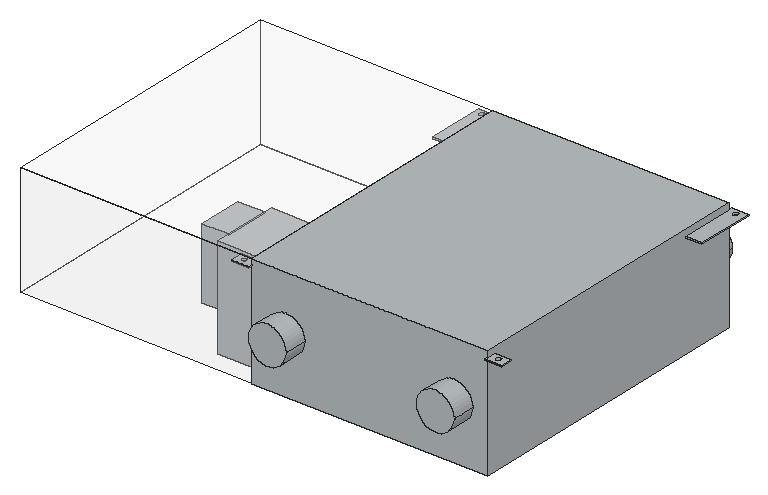
Revit family "lgh-rn15_100rxv(d)-c_50Hz", category 機械設備, Revit 2019
Family settings
  丸型コネクタ寸法 = 直径を使用
  パーツ タイプ = 割り込み
  OmniClass 番号 = 23.75.10.34.21
  OmniClass タイトル = Heat Exchangers for Ventilation Air
  作業面ベース = いいえ
  常に垂直 = はい
  ロード時にボイドで切り取り = いいえ
  共有 = いいえ
  部屋計算ポイント = はい
Parameters (values of type "LGH-RN15RXV2-C")
  騒音レベル(dB(A)) = 31
  風量 = MAX風量  # 150.0 m³/h
  面風速 = 5.31 m/s
  電源種別 [instance] = "一般"
  電圧 = 100 V
  電動機出力 = 0 W
  集中コントローラ = ""
  運転質量 = 0.00 kg
  連動 [instance] = ""
  質量 = if(製品質量 > 運転質量, 製品質量, 運転質量) * 1.2  # 27.60 kg
  負荷分類 = 3_ファン類
  説明 = "業務用ロスナイ 天井埋込形 DCリプレースマイコン CO2センサー付"
  設計風量 = 0.0 m³/h
  設置方法 = "天井吊(隠ぺい)形"
  記号 [instance] = ""
  製造元 = "三菱電機株式会社"
  製品質量 = 23.00 kg
  製品出荷対象 = "国内"
  製品リリース年月 = "2023/5/15"
  製品グループ = ""
  系統 [instance] = ""
  符号 [instance] = "HEU"
  積算_科目 = "1 空気調和設備"
  積算_拾い区分 [instance] = ""
  相 = 1
  盤記号 [instance] = ""
  発停方法 [instance] = ""
  特殊仕様 [instance] = ""
  点検口高さ = -Height / 2  # -145 mm
  点検口 = yes
  火災停止 [instance] = ""
  温度交換効率_特強 = 74.00%
  温度交換効率_強 = 74.00%
  温度交換効率_弱 = 78.00%
  消費電力 = 85 W
  法定耐用年数 = "15"
  機外静圧_排気 = 210.0 Pa
  機外静圧 = 210.0 Pa
  極数 = 2
  材質 [instance] = ""
  本体マテリアル = 溶融亜鉛めっき鋼板
  操作・制御方式 = ""
  操作・制御スイッチ = ""
  排気量 = 0.0 m³/h
  形式 = "天井埋込ダクト形"
  形名 = LGH-RN-1 : LGH-RN15-1
  幹線記号 [instance] = ""
  対象室 [instance] = ""
  実風量 = 0.0 m³/h
  始動方式 [instance] = "直入"
  外気量 = 設計風量  # 0.0 m³/h
  呼称 = "全熱交換ユニット"
  周波数 = 50 Hz
  天吊金具ピッチ幅 = 658 mm
  天吊金具ピッチ奥行 = 768 mm
  参照している仕様書等のバージョン = ""
  初期抵抗 = 0.0 Pa
  分類コード = "50052504100070"
  分類グループ = ""
  価格 = 463200
  企業コード = "108420"
  付属品_フィルター_還気 = ""
  付属品_フィルター = ""
  付属品 [instance] = ""
  仕様書バージョン = "Version1.0"
  モデル = "LGH-RN15RXV2-C"
  ダクト径 = 100 mm
  OAダクト変更表示 = no
  EAダクト変更表示 = no
  サービススペース = yes
  コメント [instance] = ""
  Keynote = ""
  エンタルピ交換効率_暖房_特強 = 75.50%
  エンタルピ交換効率_暖房_強 = 75.50%
  エンタルピ交換効率_暖房_弱 = 79.00%
  エンタルピ交換効率_冷房_特強 = 64.50%
  エンタルピ交換効率_冷房_強 = 64.50%
  エンタルピ交換効率_冷房_弱 = 69.00%
  Width = 610 mm
  Version = ""
  Uniclass2015Version = "Systems v1.9"
  Uniclass2015Title = "Thermal wheels"
  Uniclass2015Code = "Pr_60_60_36_88"
  URL = "https://www.mitsubishielectric.co.jp/ldg/wink/qr/002/324453/"
  SpecificationReference = ""
  SpecificationDescription = ""
  SMAX風量 = 150.0 m³/h
  SMAX静圧 = 210.0 Pa
  SAサイズ_D = 97.5 mm
  Revision = ""
  RAサイズ_D = 97.5 mm
  ProductInformation = ""
  OmniClassCode = "23-27 23 19 11"
  OAサイズ_W = 0 mm
  OAサイズ_D = 97.5 mm
  MIN風量 = 66.0 m³/h
  MIN静圧 = 35.0 Pa
  MID風量 = 108.0 m³/h
  MID静圧 = 93.0 Pa
  MAX風量 = 150.0 m³/h
  MAX静圧 = 180.0 Pa
  M = 59 mm
  IfcTypeProduct = ""
  IfcProduct = ""
  IfcExportType = "ROTARYWHEEL"
  IfcExportAs = "IfcAirToAirHeatRecoveryType"
  Height = 290 mm
  EAサイズ_W = 0 mm
  EAサイズ_D = 97.5 mm
  Depth = 780 mm
  Clearance Top = 0 mm  # constant formula
  Clearance Right = 0 mm  # constant formula
  Clearance Left = 600 mm  # constant formula
  Clearance Front = 0 mm  # constant formula
  Clearance Bottom = 0 mm  # constant formula
  Clearance Back = 0 mm  # constant formula
  Author = "三菱電機株式会社"
Types (14, lengths in mm): name | 騒音レベル(dB(A)) | 風量 | 面風速 | 電圧 | 質量 | 製品質量 | 点検口高さ | 温度交換効率_特強 | 温度交換効率_強 | 温度交換効率_弱 | 消費電力 | 機外静圧_排気 | 機外静圧 | 極数 | 形名 | 天吊金具ピッチ幅 | 天吊金具ピッチ奥行 | 価格 | モデル | ダクト径 | エンタルピ交換効率_暖房_特強 | エンタルピ交換効率_暖房_強 | エンタルピ交換効率_暖房_弱 | エンタルピ交換効率_冷房_特強 | エンタルピ交換効率_冷房_強 | エンタルピ交換効率_冷房_弱 | Width | URL | SMAX風量 | SMAX静圧 | SAサイズ_D | RAサイズ_D | OAサイズ_D | MIN風量 | MIN静圧 | MID風量 | MID静圧 | MAX風量 | MAX静圧 | M | Height | EAサイズ_D | Depth
  LGH-RN15RXV2-C | 31 | 150.0 m³/h | 5.31 m/s | 100 V | 27.60 kg | 23.00 kg | -145 | 74.00% | 74.00% | 78.00% | 85 W | 210.0 Pa | 210.0 Pa | 2 | LGH-RN-1 : LGH-RN15-1 | 658 | 768 | 463200 | "LGH-RN15RXV2-C" | 100 | 75.50% | 75.50% | 79.00% | 64.50% | 64.50% | 69.00% | 610 | "https://www.mitsubishielectric.co.jp/ldg/wink/qr/002/324453/" | 150.0 m³/h | 210.0 Pa | 97.5 | 97.5 | 97.5 | 66.0 m³/h | 35.0 Pa | 108.0 m³/h | 93.0 Pa | 150.0 m³/h | 180.0 Pa | 59 | 290 | 97.5 | 780
  LGH-RN15RXV2D-C | 31 | 150.0 m³/h | 5.31 m/s | 200 V | 27.60 kg | 23.00 kg | -145 | 74.00% | 74.00% | 78.00% | 85 W | 210.0 Pa | 210.0 Pa | 3 | LGH-RN-1 : LGH-RN15-1 | 658 | 768 | 463200 | "LGH-RN15RXV2D-C" | 100 | 75.50% | 75.50% | 79.00% | 64.50% | 64.50% | 69.00% | 610 | "https://www.mitsubishielectric.co.jp/ldg/wink/qr/002/324454/" | 150.0 m³/h | 210.0 Pa | 97.5 | 97.5 | 97.5 | 66.0 m³/h | 35.0 Pa | 108.0 m³/h | 93.0 Pa | 150.0 m³/h | 180.0 Pa | 59 | 290 | 97.5 | 780
  LGH-RN25RXV2-C | 30 | 250.0 m³/h | 3.93 m/s | 100 V | 28.80 kg | 24.00 kg | -145 | 70.00% | 70.00% | 78.00% | 110 W | 170.0 Pa | 170.0 Pa | 2 | LGH-RN-1 : LGH-RN25-1 | 782 | 768 | 487200 | "LGH-RN25RXV2-C" | 150 | 73.00% | 73.00% | 78.50% | 63.00% | 63.00% | 68.50% | 735 | "https://www.mitsubishielectric.co.jp/ldg/wink/qr/002/324456/" | 250.0 m³/h | 170.0 Pa | 142 | 142 | 142 | 110.0 m³/h | 28.0 Pa | 180.0 m³/h | 75.0 Pa | 250.0 m³/h | 145.0 Pa | 69 | 290 | 142 | 780
  LGH-RN25RXV2D-C | 30 | 250.0 m³/h | 3.93 m/s | 200 V | 28.80 kg | 24.00 kg | -145 | 70.00% | 70.00% | 78.00% | 110 W | 170.0 Pa | 170.0 Pa | 3 | LGH-RN-1 : LGH-RN25-1 | 782 | 768 | 487200 | "LGH-RN25RXV2D-C" | 150 | 73.00% | 73.00% | 78.50% | 63.00% | 63.00% | 68.50% | 735 | "https://www.mitsubishielectric.co.jp/ldg/wink/qr/002/324457/" | 250.0 m³/h | 170.0 Pa | 142 | 142 | 142 | 110.0 m³/h | 28.0 Pa | 180.0 m³/h | 75.0 Pa | 250.0 m³/h | 145.0 Pa | 69 | 290 | 142 | 780
  LGH-RN35RXV2-C | 33 | 350.0 m³/h | 5.5 m/s | 100 V | 39.60 kg | 33.00 kg | -165 | 71.50% | 71.50% | 75.00% | 210 W | 300.0 Pa | 300.0 Pa | 2 | LGH-RN-1 : LGH-RN35-1 | 921 | 875 | 516200 | "LGH-RN35RXV2-C" | 150 | 74.50% | 74.50% | 78.50% | 65.50% | 65.50% | 66.50% | 875 | "https://www.mitsubishielectric.co.jp/ldg/wink/qr/002/324458/" | 350.0 m³/h | 300.0 Pa | 142 | 142 | 142 | 154.0 m³/h | 36.0 Pa | 252.0 m³/h | 96.0 Pa | 350.0 m³/h | 185.0 Pa | 69 | 330 | 142 | 890
  LGH-RN35RXV2D-C | 33 | 350.0 m³/h | 5.5 m/s | 200 V | 39.60 kg | 33.00 kg | -165 | 71.50% | 71.50% | 75.00% | 210 W | 300.0 Pa | 300.0 Pa | 3 | LGH-RN-1 : LGH-RN35-1 | 921 | 875 | 516200 | "LGH-RN35RXV2D-C" | 150 | 74.50% | 74.50% | 78.50% | 65.50% | 65.50% | 66.50% | 875 | "https://www.mitsubishielectric.co.jp/ldg/wink/qr/002/324459/" | 350.0 m³/h | 300.0 Pa | 142 | 142 | 142 | 154.0 m³/h | 36.0 Pa | 252.0 m³/h | 96.0 Pa | 350.0 m³/h | 185.0 Pa | 69 | 330 | 142 | 890
  LGH-RN50RXV2-C | 37 | 500.0 m³/h | 4.42 m/s | 100 V | 44.40 kg | 37.00 kg | -165 | 71.00% | 71.00% | 75.00% | 315 W | 310.0 Pa | 310.0 Pa | 2 | LGH-RN-1 : LGH-RN50-1 | 1063 | 875 | 584200 | "LGH-RN50RXV2-C" | 200 | 73.00% | 73.00% | 77.50% | 63.00% | 63.00% | 66.50% | 1020 | "https://www.mitsubishielectric.co.jp/ldg/wink/qr/002/324460/" | 500.0 m³/h | 310.0 Pa | 192 | 192 | 192 | 220.0 m³/h | 37.0 Pa | 360.0 m³/h | 98.0 Pa | 500.0 m³/h | 190.0 Pa | 84 | 330 | 192 | 890
  LGH-RN50RXV2D-C | 37 | 500.0 m³/h | 4.42 m/s | 200 V | 44.40 kg | 37.00 kg | -165 | 71.00% | 71.00% | 75.00% | 315 W | 310.0 Pa | 310.0 Pa | 3 | LGH-RN-1 : LGH-RN50-1 | 1063 | 875 | 584200 | "LGH-RN50RXV2D-C" | 200 | 73.00% | 73.00% | 77.50% | 63.00% | 63.00% | 66.50% | 1020 | "https://www.mitsubishielectric.co.jp/ldg/wink/qr/002/324461/" | 500.0 m³/h | 310.0 Pa | 192 | 192 | 192 | 220.0 m³/h | 37.0 Pa | 360.0 m³/h | 98.0 Pa | 500.0 m³/h | 190.0 Pa | 84 | 330 | 192 | 890
  LGH-RN65RXV2-C | 40 | 650.0 m³/h | 5.75 m/s | 100 V | 51.60 kg | 43.00 kg | -202 | 71.50% | 71.50% | 76.00% | 445 W | 320.0 Pa | 320.0 Pa | 2 | LGH-RN-1 : LGH-RN65-1 | 1001 | 895 | 716200 | "LGH-RN65RXV2-C" | 200 | 72.00% | 72.00% | 76.00% | 63.00% | 63.00% | 67.00% | 892 | "https://www.mitsubishielectric.co.jp/ldg/wink/qr/002/324462/" | 650.0 m³/h | 320.0 Pa | 192 | 192 | 192 | 286.0 m³/h | 45.0 Pa | 468.0 m³/h | 119.0 Pa | 650.0 m³/h | 230.0 Pa | 84 | 404 | 192 | 984
  LGH-RN65RXV2D-C | 40 | 650.0 m³/h | 5.75 m/s | 200 V | 51.60 kg | 43.00 kg | -202 | 71.50% | 71.50% | 76.00% | 445 W | 320.0 Pa | 320.0 Pa | 3 | LGH-RN-1 : LGH-RN65-1 | 1001 | 895 | 716200 | "LGH-RN65RXV2D-C" | 200 | 72.00% | 72.00% | 76.00% | 63.00% | 63.00% | 67.00% | 892 | "https://www.mitsubishielectric.co.jp/ldg/wink/qr/002/324463/" | 650.0 m³/h | 320.0 Pa | 192 | 192 | 192 | 286.0 m³/h | 45.0 Pa | 468.0 m³/h | 119.0 Pa | 650.0 m³/h | 230.0 Pa | 84 | 404 | 192 | 984
  LGH-RN80RXV2-C | 40 | 800.0 m³/h | 4.53 m/s | 100 V | 63.60 kg | 53.00 kg | -202 | 73.00% | 73.00% | 76.50% | 540 W | 310.0 Pa | 310.0 Pa | 2 | LGH-RN-1 : LGH-RN80-1 | 1051 | 1131 | 817200 | "LGH-RN80RXV2-C" | 250 | 75.00% | 75.00% | 78.00% | 65.00% | 65.00% | 68.00% | 1004 | "https://www.mitsubishielectric.co.jp/ldg/wink/qr/002/324464/" | 800.0 m³/h | 310.0 Pa | 242 | 242 | 242 | 352.0 m³/h | 37.0 Pa | 576.0 m³/h | 98.0 Pa | 800.0 m³/h | 190.0 Pa | 84 | 404 | 242 | 1144
  LGH-RN80RXV2D-C | 40 | 800.0 m³/h | 4.53 m/s | 200 V | 63.60 kg | 53.00 kg | -202 | 73.00% | 73.00% | 76.50% | 540 W | 310.0 Pa | 310.0 Pa | 3 | LGH-RN-1 : LGH-RN80-1 | 1051 | 1131 | 817200 | "LGH-RN80RXV2D-C" | 250 | 75.00% | 75.00% | 78.00% | 65.00% | 65.00% | 68.00% | 1004 | "https://www.mitsubishielectric.co.jp/ldg/wink/qr/002/324465/" | 800.0 m³/h | 310.0 Pa | 242 | 242 | 242 | 352.0 m³/h | 37.0 Pa | 576.0 m³/h | 98.0 Pa | 800.0 m³/h | 190.0 Pa | 84 | 404 | 242 | 1144
  LGH-RN100RXV2-C | 38 | 1000.0 m³/h | 5.66 m/s | 100 V | 69.60 kg | 58.00 kg | -202 | 73.00% | 73.00% | 75.00% | 580 W | 225.0 Pa | 225.0 Pa | 2 | LGH-RN-1 : LGH-RN100-1 | 1278 | 1131 | 903200 | "LGH-RN100RXV2-C" | 250 | 75.00% | 75.00% | 76.50% | 65.00% | 65.00% | 67.50% | 1231 | "https://www.mitsubishielectric.co.jp/ldg/wink/qr/002/324450/" | 1000.0 m³/h | 225.0 Pa | 242 | 242 | 242 | 440.0 m³/h | 32.0 Pa | 720.0 m³/h | 86.0 Pa | 1000.0 m³/h | 165.0 Pa | 84 | 404 | 242 | 1144
  LGH-RN100RXV2D-C | 38 | 1000.0 m³/h | 5.66 m/s | 200 V | 69.60 kg | 58.00 kg | -202 | 73.00% | 73.00% | 75.00% | 580 W | 225.0 Pa | 225.0 Pa | 3 | LGH-RN-1 : LGH-RN100-1 | 1278 | 1131 | 903200 | "LGH-RN100RXV2D-C" | 250 | 75.00% | 75.00% | 76.50% | 65.00% | 65.00% | 67.50% | 1231 | "https://www.mitsubishielectric.co.jp/ldg/wink/qr/002/324451/" | 1000.0 m³/h | 225.0 Pa | 242 | 242 | 242 | 440.0 m³/h | 32.0 Pa | 720.0 m³/h | 86.0 Pa | 1000.0 m³/h | 165.0 Pa | 84 | 404 | 242 | 1144
Reference planes
  plane 1 "中心(正面/背面)": y = 0
  plane 2: z = 0
  plane 3 "中心(左/右)": x = 0
  plane 4 "4": x = 0
  plane 5 "3": x = 0
  plane 6 "左": x = -305
  plane 7 "右": x = 305
  plane 8 "背面": y = 390
  plane 9 "正面": y = -390
  plane 10: z = 145
  plane 11: y = 384
  plane 12: y = -384
  plane 13: x = 329
  plane 14: x = -329
  plane 15: z = -145
  plane 16: y = 390
  plane 17: y = -390
  plane 18: x = 305
  plane 19: x = -905
  plane 20: z = 145
  plane 21: z = -145
  plane 22: y = 225
  plane 23: x = -455
  plane 24: y = -225
Dimensions and locks
  equal spacing: plane 6 "左", plane 5 "3", plane 7 "右"
  "Width": plane 6 "左" to plane 7 "右"
  equal spacing: plane 9 "正面", plane 1 "中心(正面/背面)", plane 8 "背面"
  "Depth": plane 9 "正面" to plane 8 "背面"
  equal spacing: plane 10, level, plane 15
  "Height": plane 10 to plane 15
  equal spacing: plane 14, plane 5 "3", plane 13
  "天吊金具ピッチ幅": plane 14 to plane 13
  equal spacing: plane 12, plane 1 "中心(正面/背面)", plane 11
  "天吊金具ピッチ奥行": plane 12 to plane 11
  "Clearance Front": plane 17 to plane 9 "正面"
  "Clearance Back": plane 8 "背面" to plane 16
  "Clearance Right": plane 7 "右" to plane 18
  "Clearance Left": plane 19 to plane 6 "左"
  "Clearance Bottom": plane 15 to plane 21
  "Clearance Top": plane 20 to plane 10
  plane 17 to plane 9 "正面" = 0 mm
  locked: plane 19 to plane 23 at 450
  equal spacing: plane 24, plane 1 "中心(正面/背面)", plane 22
  locked: plane 24 to plane 22 at 450
  aligned and locked: level to plane 2
  aligned and locked: nested 1 to plane 11
  aligned and locked: plane 12 to nested 1
  aligned and locked: plane 14 to nested 1
  aligned and locked: plane 13 to nested 1
  aligned and locked: plane 10 to nested 2
  aligned and locked: plane 19 to nested 3
  aligned and locked: plane 20 to nested 3
  aligned and locked: plane 21 to nested 3
  aligned and locked: plane 17 to nested 3
  aligned and locked: plane 1 "中心(正面/背面)" to nested 2
  aligned and locked: nested 2 to plane 5 "3"
  aligned and locked: plane 16 to nested 3
  aligned and locked: plane 6 "左" to nested 3
  aligned and locked: plane 23 to nested 4
  aligned and locked: nested 4 to plane 24
  aligned and locked: plane 19 to nested 4
  aligned and locked: plane 22 to nested 4
Nested families
  nested 1: "固定点" at (-329, -384, 0), type "固定点"
    with W 658 mm, D 768 mm
  nested 2: "LGH-RN-1" at (0, 0, -145) x (0, -1, 0) z (0, 0, 1), type <- "形名", type "LGH-RN15-1"
  nested 3: "サービススペース" at (-605, 0, 0), visible <- "サービススペース", type "サービススペース"
    with Width 600 mm, Height 290 mm, Depth 780 mm
  nested 4: "点検口設置範囲" at (-680, 0, -145), visible <- "点検口", built-in parameter 1001364 <- "点検口高さ", type "点検口設置範囲"
    with Width 450 mm, Depth 450 mm
Connectors
  hvac at (-217.5, -449, 0), driven by "ダクト径", driven by "機外静圧", driven by "風量"
    settings: on nested 2, index 2, duct flow 150.0 m³/h, flow factor 0, pres drop 210.0 Pa, loss coef 0, conn angle 0.00°, conn width 304.8 mm, conn height 304.8 mm, conn diameter 100 mm, duct sys type 1, conn prof type 0, flow config 0, flow direction 2, loss method 4, conn ref index -1, conn util no, is conn primary yes, conn desc ""
  hvac at (217.5, -449, 0), driven by "ダクト径", driven by "機外静圧", driven by "風量"
    settings: on nested 2, index 3, duct flow 150.0 m³/h, flow factor 0, pres drop 210.0 Pa, loss coef 0, conn angle 0.00°, conn width 304.8 mm, conn height 304.8 mm, conn diameter 100 mm, duct sys type 2, conn prof type 0, flow config 0, flow direction 1, loss method 4, conn ref index -1, conn util no, is conn primary no, conn desc ""
  hvac at (-217.5, 449, 0), driven by "ダクト径", driven by "機外静圧", driven by "外気量"
    settings: on nested 2, index 5, duct flow 0.0 m³/h, flow factor 0, pres drop 210.0 Pa, loss coef 0, conn angle 0.00°, conn width 304.8 mm, conn height 304.8 mm, conn diameter 100 mm, duct sys type 4, conn prof type 0, flow config 0, flow direction 1, loss method 4, conn ref index -1, conn util no, is conn primary no, conn desc ""
  hvac at (364, 272, 0), driven by "ダクト径", driven by "機外静圧", driven by "排気量"
    settings: on nested 2, index 7, duct flow 0.0 m³/h, flow factor 0, pres drop 210.0 Pa, loss coef 0, conn angle 0.00°, conn width 304.8 mm, conn height 304.8 mm, conn diameter 100 mm, duct sys type 3, conn prof type 0, flow config 0, flow direction 2, loss method 4, conn ref index -1, conn util no, is conn primary no, conn desc ""
  hvac at (-364, 272, 0), driven by "ダクト径", driven by "機外静圧", driven by "外気量"
    settings: on nested 2, index 8, duct flow 0.0 m³/h, flow factor 0, pres drop 210.0 Pa, loss coef 0, conn angle 0.00°, conn width 304.8 mm, conn height 304.8 mm, conn diameter 100 mm, duct sys type 4, conn prof type 0, flow config 0, flow direction 1, loss method 4, conn ref index -1, conn util no, is conn primary no, conn desc ""
  hvac at (217.5, 449, 0), driven by "ダクト径", driven by "機外静圧", driven by "排気量"
    settings: on nested 2, index 9, duct flow 0.0 m³/h, flow factor 0, pres drop 210.0 Pa, loss coef 0, conn angle 0.00°, conn width 304.8 mm, conn height 304.8 mm, conn diameter 100 mm, duct sys type 3, conn prof type 0, flow config 0, flow direction 2, loss method 4, conn ref index -1, conn util no, is conn primary no, conn desc ""
  electrical at (-362.5, -357, -0.5), driven by "極数", driven by "負荷分類", driven by "電圧", driven by "消費電力"
    settings: on nested 2, index 10, voltage 100 V, apparent load 85 VA, apparent load phase1 0 VA, apparent load phase2 0 VA, apparent load phase3 0 VA, power factor 1, load classification "3_ファン類", number of poles 2, system type 30, power factor state 1, is connector primary yes, connector utility no, sub classification motor no, connector description ""
Definition of nested family "LGH-RN-1"
  Parameters (values of type "LGH-RN65-1")
    吊りボルト-φ = 13 mm
    吊りボルト-W1 = 895 mm
    吊りボルト-D1 = 1001 mm
    マテリアル = none
    ダクト間 = 620 mm
    ダクト変更位置 = 122 mm
    OA変更 = no
    OA標準 = not(OA変更)  # yes
    EA変更 = no
    EA標準 = not(EA変更)  # yes
    コントロール手前位置 = 71 mm
    コントロール上位置 = 57 mm
    φ = 192 mm
    吊りボルト-H = 15 mm
    M = 84 mm
    W = 984 mm
    H = 404 mm
    D = 892 mm
    CO2センサー手前位置 = 107 mm
    CO2センサー上位置 = 56 mm
  Types (7, lengths in mm): name | 吊りボルト-W1 | 吊りボルト-D1 | ダクト間 | ダクト変更位置 | コントロール手前位置 | コントロール上位置 | φ | 吊りボルト-H | M | W | H | D | CO2センサー手前位置 | CO2センサー上位置
    LGH-RN100-1 | 1131 | 1278 | 917 | 165 | 146 | 88 | 242 | 15 | 84 | 1144 | 404 | 1231 | 182 | 87
    LGH-RN80-1 | 1131 | 1051 | 690 | 165 | 146 | 88 | 242 | 15 | 84 | 1144 | 404 | 1004 | 182 | 87
    LGH-RN65-1 | 895 | 1001 | 620 | 122 | 71 | 57 | 192 | 15 | 84 | 984 | 404 | 892 | 107 | 56
    LGH-RN35-1 | 875 | 921 | 600 | 140 | 68 | 23 | 142 | 19 | 69 | 890 | 330 | 875 | 104 | 22
    LGH-RN25-1 | 768 | 782 | 520 | 118 | 33 | 15 | 142 | 15 | 69 | 780 | 290 | 735 | 69 | 14
    LGH-RN50-1 | 875 | 1063 | 700 | 130 | 68 | 23 | 192 | 19 | 84 | 890 | 330 | 1020 | 104 | 22
    LGH-RN15-1 | 768 | 658 | 435 | 118 | 33 | 15 | 97.5 | 15 | 59 | 780 | 290 | 610 | 69 | 14
  Reference planes
    plane 1 "中心(正面/背面)": y = 0
    plane 2: z = 0
    plane 3 "中心(左/右)": x = 0
    plane 4: y = 446
    plane 5: y = 500.5
    plane 6: y = 520.5
    plane 7: y = -446
    plane 8: y = -500.5
    plane 9: y = -520.5
    plane 10: x = -492
    plane 11: x = 492
    plane 12: z = 404
    plane 13: x = -213
    plane 14: x = 576
    plane 15: x = -576
    plane 16: z = 202
    plane 17: y = 310
    plane 18: y = -310
    plane 19: x = -447.5
    plane 20: x = 447.5
    plane 21: x = 164
    plane 22: x = -164
    plane 23: y = -561
    plane 24: y = -630
    plane 25: x = 421
    plane 26: x = 381.333
    plane 27: x = 246
    plane 28: z = 336.667
    plane 29: z = 269.333
    plane 30: z = 134.667
    plane 31: z = 67.333
    plane 32: x = 385
    plane 33: x = 270
    plane 34: x = -501
    plane 35: x = 501
    plane 36: x = 432.5
    plane 37: x = -312.5
    plane 38: z = 389
    plane 39: z = 386
    plane 40: z = 347
    plane 41: z = 348
    plane 42: z = 165
    plane 43: z = 86
    plane 44: x = -370
    plane 45: y = 530
    plane 46: y = -530
  Forms (mm)
    Extrusion 1, solid, material <- "マテリアル", detail levels fine
      sketch origin (0, 0, 0) x (1, 0, 0) y (0, 1, 0)
        loop
          line (-492, 446) -> (-492, -446) -> (492, -446) -> (492, 446) -> (-492, 446)
      from 0 to 404
    Extrusion 2, solid, material <- "マテリアル", visible <- "OA標準", detail levels fine
      sketch origin (0, 0, 0) x (0, 1, 0) y (0, 0, 1)
        loop
          circle (-310, 202) r 96
      from -492 to -576
    Extrusion 3, solid, material <- "マテリアル", detail levels fine
      sketch origin (0, 0, 0) x (0, 1, 0) y (0, 0, -1)
        loop
          circle (-310, -202) r 96
        loop
          circle (310, -202) r 96
      from -492 to -576
    Extrusion 4, solid, material <- "マテリアル", detail levels fine
      sketch origin (0, 0, 0) x (1, 0, 0) y (0, 0, 1)
        loop
          line (246, 347) -> (246, 86) -> (421, 86) -> (421, 347) -> (246, 347)
      from 446 to 561
    Extrusion 5, solid, material <- "マテリアル", detail levels fine
      sketch origin (0, 0, 0) x (1, 0, 0) y (0, 0, 1)
        loop
          line (270, 348) -> (270, 165) -> (385, 165) -> (385, 348) -> (270, 348)
      from 561 to 630
    Extrusion 6, solid, material <- "マテリアル", detail levels fine
      sketch origin (0, 0, 0) x (1, 0, 0) y (0, 1, 0)
        loop
          line (-501, 520.5) -> (-501, 446) -> (-312.5, 446) -> (-312.5, 520.5) -> (-501, 520.5)
        loop
          line (-501, -446) -> (-501, -520.5) -> (-312.5, -520.5) -> (-312.5, -446) -> (-501, -446)
        loop
          line (432.5, 520.5) -> (432.5, 446) -> (501, 446) -> (501, 520.5) -> (432.5, 520.5)
        loop
          line (432.5, -520.5) -> (501, -520.5) -> (501, -446) -> (432.5, -446) -> (432.5, -520.5)
        loop
          circle (-447.5, 500.5) r 6.5
        loop
          circle (447.5, 500.5) r 6.5
        loop
          circle (-447.5, -500.5) r 6.5
        loop
          circle (447.5, -500.5) r 6.5
      from 386 to 389
    Extrusion 7, solid, material <- "マテリアル", visible <- "OA変更", detail levels fine
      sketch origin (0, 0, 0) x (1, 0, 0) y (0, 0, 1)
        loop
          circle (-370, 202) r 96
      from 446 to 530
    Extrusion 8, solid, material <- "マテリアル", visible <- "EA変更", detail levels fine
      sketch origin (0, 0, 0) x (1, 0, 0) y (0, 0, -1)
        loop
          circle (-370, -202) r 96
      from 446 to 530
    Extrusion 9, solid, material <- "マテリアル", visible <- "EA標準", detail levels fine
      sketch origin (0, 435, 0) x (0, 1, 0) y (0, 0, 1)
        loop
          circle (-125, 202) r 96
      from -492 to -576
  Dimensions and locks
    "W": plane 10 to plane 11
    "吊りボルト-D1": plane 8 to plane 5
    "D": plane 7 to plane 4
    equal spacing: plane 7, plane 1 "中心(正面/背面)", plane 4
    equal spacing: plane 10, plane 3 "中心(左/右)", plane 11
    "H": plane 12 to level
    "M": plane 15 to plane 10
    "M": plane 11 to plane 14
    equal spacing: plane 8, plane 1 "中心(正面/背面)", plane 5
    equal spacing: plane 18, plane 1 "中心(正面/背面)", plane 17
    "ダクト間": plane 18 to plane 17
    equal spacing: plane 19, plane 3 "中心(左/右)", plane 20
    "吊りボルト-W1": plane 19 to plane 20
    plane 15 to plane 14 = 1152 mm
    equal spacing: plane 10, plane 22, plane 21, plane 11
    plane 11 to plane 21 to plane 22 to plane 10 = 328 mm, 328 mm, 328 mm
    locked: plane 23 to plane 7 at 115
    locked: plane 24 to plane 7 at 184
    equal spacing: plane 12, plane 28, plane 29, plane 16, plane 30, plane 31, level
    locked: plane 5 to plane 6 at 20
    locked: plane 9 to plane 8 at 20
    locked: plane 38 to plane 39 at 3
    "吊りボルト-H": plane 12 to plane 38
    locked: plane 19 to plane 37 at 135
    locked: plane 36 to plane 20 at 15
    locked: plane 34 to plane 10 at 9
    locked: plane 11 to plane 35 at 9
    "コントロール手前位置": plane 25 to plane 11
    locked: plane 33 to plane 32 at 115
    locked: plane 27 to plane 25 at 175
    "CO2センサー手前位置": plane 32 to plane 11
    "コントロール上位置": plane 12 to plane 40
    "CO2センサー上位置": plane 12 to plane 41
    locked: plane 41 to plane 42 at 183
    locked: plane 40 to plane 43 at 261
    "ダクト変更位置": plane 10 to plane 44
    "M": plane 4 to plane 45
    "M": plane 46 to plane 7
    "φ": diameter of Extrusion 2 sketch curve
    "φ": diameter of Extrusion 3 sketch curve  (x2)
    "吊りボルト-φ": diameter of Extrusion 6 sketch curve  (x4)
    "φ": diameter of Extrusion 7 sketch curve
    "φ": diameter of Extrusion 8 sketch curve
    "φ": diameter of Extrusion 9 sketch curve
    aligned and locked: level to plane 2
    aligned and locked: plane 4 to Extrusion 1 sketch curve
    aligned and locked: plane 10 to Extrusion 1 sketch curve
    aligned and locked: Extrusion 1 sketch curve to plane 7
    aligned and locked: Extrusion 1 sketch curve to plane 11
    aligned and locked: plane 12 to Extrusion 1
    aligned and locked: plane 16 to Extrusion 2 sketch curve
    aligned and locked: Extrusion 2 to plane 15
    aligned and locked: plane 14 to Extrusion 3
    aligned and locked: plane 18 to Extrusion 3 sketch curve
    aligned and locked: plane 16 to Extrusion 3 sketch curve  (x2)
    aligned and locked: plane 18 to Extrusion 2 sketch curve
    aligned and locked: plane 17 to Extrusion 3 sketch curve
    aligned and locked: Extrusion 4 sketch curve to plane 25
    aligned and locked: plane 27 to Extrusion 4 sketch curve
    aligned and locked: plane 33 to Extrusion 5 sketch curve
    aligned and locked: Extrusion 5 sketch curve to plane 32
    aligned and locked: plane 7 to Extrusion 4
    aligned and locked: plane 23 to Extrusion 4
    aligned and locked: plane 23 to Extrusion 5
    aligned and locked: plane 24 to Extrusion 5
    aligned and locked: plane 6 to Extrusion 6 sketch curve  (x2)
    aligned and locked: plane 34 to Extrusion 6 sketch curve  (x2)
    aligned and locked: Extrusion 6 sketch curve to plane 4  (x2)
    aligned and locked: Extrusion 6 sketch curve to plane 37  (x2)
    aligned and locked: plane 7 to Extrusion 6 sketch curve
    aligned and locked: Extrusion 6 sketch curve to plane 9
    aligned and locked: Extrusion 6 sketch curve to plane 35
    aligned and locked: plane 9 to Extrusion 6 sketch curve
    aligned and locked: Extrusion 6 sketch curve to plane 7
    aligned and locked: plane 35 to Extrusion 6 sketch curve
    aligned and locked: plane 8 to Extrusion 6 sketch curve  (x2)
    aligned and locked: plane 5 to Extrusion 6 sketch curve  (x2)
    aligned and locked: plane 19 to Extrusion 6 sketch curve  (x2)
    aligned and locked: plane 20 to Extrusion 6 sketch curve  (x2)
    aligned and locked: Extrusion 6 to plane 39
    aligned and locked: plane 38 to Extrusion 6
    aligned and locked: Extrusion 6 sketch curve to plane 36  (x2)
    aligned and locked: Extrusion 5 sketch curve to plane 41
    aligned and locked: plane 42 to Extrusion 5 sketch curve
    aligned and locked: Extrusion 4 sketch curve to plane 40
    aligned and locked: plane 43 to Extrusion 4 sketch curve
    aligned and locked: plane 16 to Extrusion 7 sketch curve
    aligned and locked: plane 44 to Extrusion 7 sketch curve
    aligned and locked: plane 46 to Extrusion 7
    aligned and locked: Extrusion 8 to plane 45
    aligned and locked: plane 16 to Extrusion 8 sketch curve
    aligned and locked: plane 44 to Extrusion 8 sketch curve
    aligned and locked: plane 16 to Extrusion 9 sketch curve
    aligned and locked: plane 17 to Extrusion 9 sketch curve
    aligned and locked: Extrusion 9 to plane 15
    aligned and locked: Extrusion 3 to plane 11
    aligned and locked: plane 10 to Extrusion 9
    aligned and locked: plane 10 to Extrusion 2
    aligned and locked: plane 4 to Extrusion 8
    aligned and locked: Extrusion 7 to plane 7
Definition of nested family "サービススペース"
  Parameters (values of type "サービススペース")
    Width [instance] = 500 mm
    Height [instance] = 500 mm
    Depth [instance] = 500 mm
  Reference planes
    plane 1 "中心(正面/背面)": y = 0
    plane 2: z = 0
    plane 3 "中心(左/右)": x = 0
    plane 4: y = -250
    plane 5: x = 250
    plane 6: y = 250
    plane 7: x = -250
    plane 8: z = 250
    plane 9: z = -250
  Forms (mm)
    Extrusion 1, solid
      sketch origin (-638.939, 0, 72.39) x (1, 0, 0) y (0, 1, 0)
        loop
          line (388.939, 250) -> (388.939, -250) -> (888.939, -250) -> (888.939, 250) -> (388.939, 250)
      from -322.39 to 177.61
  Lines and regions (mm)
    symbolic lines
      curve 1: line (-250, 0, 250) -> (250, 0, 250)
      curve 2: line (-250, 0, -250) -> (-250, 0, 250)
      curve 3: line (250, 0, -250) -> (-250, 0, -250)
      curve 4: line (250, 0, 250) -> (250, 0, -250)
      curve 5: line (0, -250, 250) -> (0, 250, 250)
      curve 6: line (0, -250, -250) -> (0, -250, 250)
      curve 7: line (0, 250, -250) -> (0, -250, -250)
      curve 8: line (0, 250, 250) -> (0, 250, -250)
      curve 9: line (-250, 250, 0) -> (250, 250, 0)
      curve 10: line (-250, -250, 0) -> (-250, 250, 0)
      curve 11: line (250, -250, 0) -> (-250, -250, 0)
      curve 12: line (250, 250, 0) -> (250, -250, 0)
  Dimensions and locks
    equal spacing: plane 7, plane 3 "中心(左/右)", plane 5
    equal spacing: plane 4, plane 1 "中心(正面/背面)", plane 6
    "Depth": plane 4 to plane 6
    "Width": plane 7 to plane 5
    equal spacing: plane 8, plane 2, plane 9
    "Height": plane 8 to plane 9
    aligned and locked: plane 9 to curve 3
    aligned and locked: plane 7 to curve 2
    aligned and locked: curve 4 to plane 5
    aligned and locked: plane 5 to Extrusion 1
    aligned and locked: Extrusion 1 to plane 7
    aligned and locked: Extrusion 1 to plane 9
    aligned and locked: plane 8 to Extrusion 1
    aligned and locked: plane 9 to curve 7
  Automatic sketch dimensions
    plane 4 to Extrusion 1 sketch curve = 0 mm
    Extrusion 1 sketch curve to plane 7 = 0 mm
    Extrusion 1 sketch curve to plane 5 = 0 mm
    plane 6 to Extrusion 1 sketch curve = 0 mm
    curve 2 to plane 8 = 0 mm
    plane 4 to curve 11 = 0 mm
    curve 11 to plane 7 = 0 mm
    curve 11 to plane 5 = 0 mm
    plane 6 to curve 10 = 0 mm
    curve 7 to plane 4 = 0 mm
    curve 7 to plane 6 = 0 mm
    curve 6 to plane 8 = 0 mm
Definition of nested family "固定点"
  Parameters (values of type "固定点")
    中心円 = 11 mm
    W [instance] = 1000 mm
    D [instance] = 1000 mm
  Reference planes
    plane 1 "中心(正面/背面)": y = 0
    plane 2: z = 0
    plane 3 "中心(左/右)": x = 0
    plane 4: x = 1000
    plane 5: y = 1000
  Lines and regions (mm)
    symbolic lines, detail levels fine
      curve 1: circle (0, 1000, 0) r 5.5 normal (0, 0, 1)
      curve 2: circle (0, 0, 0) r 5.5 normal (0, 0, 1)
      curve 3: circle (1000, 1000, 0) r 5.5 normal (0, 0, 1)
      curve 4: circle (1000, 0, 0) r 5.5 normal (0, 0, 1)
      curve 5: line (-200, 1000, 0) -> (1200, 1000, 0)
      curve 6: line (-200, 0, 0) -> (1200, 0, 0)
      curve 7: line (0, 1200, 0) -> (0, -200, 0)
      curve 8: line (1000, 1200, 0) -> (1000, -200, 0)
  Dimensions and locks
    "W": plane 3 "中心(左/右)" to plane 4
    "D": plane 1 "中心(正面/背面)" to plane 5
    "中心円": diameter of curve 1
    "中心円": diameter of curve 2
    "中心円": diameter of curve 3
    "中心円": diameter of curve 4
    aligned and locked: level to plane 2
    aligned and locked: plane 5 to curve 1
    aligned and locked: plane 3 "中心(左/右)" to curve 1
    aligned and locked: plane 3 "中心(左/右)" to curve 2
    aligned and locked: plane 1 "中心(正面/背面)" to curve 2
    aligned and locked: plane 4 to curve 3
    aligned and locked: plane 5 to curve 3
    aligned and locked: plane 1 "中心(正面/背面)" to curve 4
    aligned and locked: plane 4 to curve 4
    aligned and locked: plane 1 "中心(正面/背面)" to curve 6
    aligned and locked: curve 7 to plane 3 "中心(左/右)"
    aligned and locked: curve 8 to plane 4
  Automatic sketch dimensions
    curve 5 to plane 5 = 0 mm
    curve 6 to plane 3 "中心(左/右)" = 200 mm
    curve 5 to plane 3 "中心(左/右)" = 200 mm
    curve 4 to curve 6 = 200 mm
    curve 3 to curve 5 = 200 mm
    plane 1 "中心(正面/背面)" to curve 8 = 200 mm
    plane 1 "中心(正面/背面)" to curve 7 = 200 mm
    curve 3 to curve 8 = 200 mm
    curve 1 to curve 7 = 200 mm
Definition of nested family "点検口設置範囲"
  Parameters (values of type "点検口設置範囲")
    Width [instance] = 1000 mm
    Depth [instance] = 700 mm
  Reference planes
    plane 1 "中心(正面/背面)": y = 0
    plane 2: z = 0
    plane 3 "中心(左/右)": x = 0
    plane 4: x = -500
    plane 5: x = 500
    plane 6: y = -350
    plane 7: y = 350
  Lines and regions (mm)
    model lines
      curve 1: line (-500, 350, 0) -> (500, 350, 0)
      curve 2: line (-500, -350, 0) -> (-500, 350, 0)
      curve 3: line (500, -350, 0) -> (-500, -350, 0)
      curve 4: line (500, 350, 0) -> (500, -350, 0)
  Dimensions and locks
    "Depth": plane 7 to plane 6
    "Width": plane 4 to plane 5
    equal spacing: plane 7, plane 1 "中心(正面/背面)", plane 6
    equal spacing: plane 4, plane 3 "中心(左/右)", plane 5
    aligned and locked: level to plane 2
    aligned and locked: plane 4 to curve 2
    aligned and locked: curve 1 to plane 7
    aligned and locked: curve 4 to plane 5
    aligned and locked: plane 6 to curve 3
